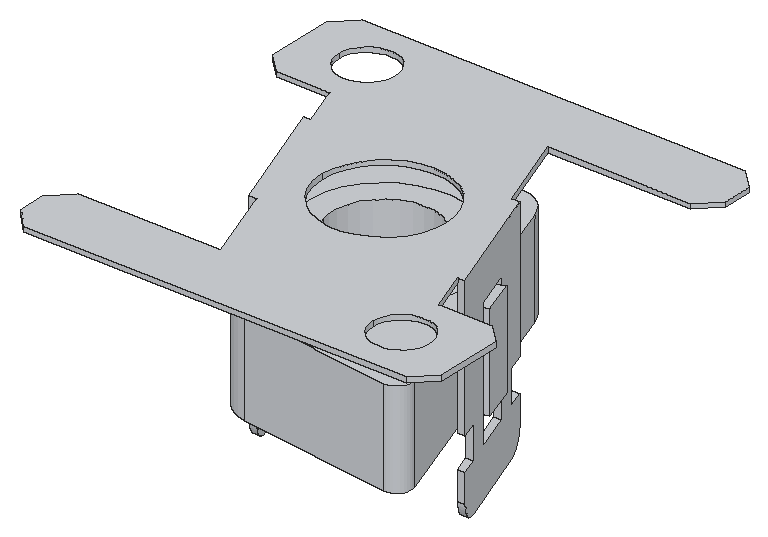
Revit family "Stex 45 Montageplatte MP", category HLS-Bauteile, Revit 2017
Family settings
  Bemaßung runder Anschluss = Durchmesser verwenden
  Teiletyp = Normal
  Arbeitsebenenbasiert = Ja
  Immer vertikal = Nein
  Beim Laden mit Abzugskörper schneiden = Nein
  Gemeinsam genutzt = Ja
  Raumberechnungspunkt = Nein
Parameters (values of type "Stex 45 Montageplatte MP M10")
  vpe = "30 St"
  Zahnplatte Gewinde = MEFA Zahnplatte 34x21 für Stex 45 : MEFA Zahnplatte 34x21 für Stex 45 M10
  Default Elevation = 1219.2 mm
  Regelhalter [instance] = ""
  Profiltyp = "45"
  Oberflaeche = "galvanisch verzinkt"
  Nutzlänge = ""
  Mengeneinheit = "St"
  Material = "Stahl"
  Länge Gewinde = 0 mm
  Kurztext2 = "M10 gvz"
  Kurztext1 = "Stex Montageplatte MP 45"
  Gewinde = "M10"
  Gewicht pro Bauteil = Gewicht  # 0.0553 kg
  Gewicht = 0.0553 kg
  Firma = "MEFA Befestigungs- und Montagesysteme GmbH"
  Festigkeitsklasse = ""
  Fabrikat = "MEFA"
  EAN = "4250928424686"
  Artikelnummer = "1280010"
  Anzugsmoment = 0 N·m
  Abmessung = " mm"
Types (5, lengths in mm): name | Zahnplatte Gewinde | Kurztext2 | Gewinde | Gewicht pro Bauteil | Gewicht | EAN | Artikelnummer
  (no name) | MEFA Zahnplatte 34x21 für Stex 45 : MEFA Zahnplatte 34x21 für Stex 45 M10 | "M10 gvz" | "M10" | 0.0553 kg | 0.0553 kg | "4250928424686" | "1280010"
  Stex 45 Montageplatte MP M 8 | MEFA Zahnplatte 34x21 für Stex 45 : MEFA Zahnplatte 34x21 für Stex 45 M 8 | "M8 gvz" | "M8" | 0.0576 kg | 0.0576 kg | "4250928424679" | "1280008"
  Stex 45 Montageplatte MP M10 | MEFA Zahnplatte 34x21 für Stex 45 : MEFA Zahnplatte 34x21 für Stex 45 M10 | "M10 gvz" | "M10" | 0.0553 kg | 0.0553 kg | "4250928424686" | "1280010"
  Stex 45 Montageplatte MP M12 | MEFA Zahnplatte 34x21 für Stex 45 : MEFA Zahnplatte 34x21 für Stex 45 M12 | "M12 gvz" | "M12" | 0.0524 kg | 0.0524 kg | "4250928424693" | "1280012"
  Stex 45 Montageplatte MP M 6 | MEFA Zahnplatte 34x21 für Stex 45 : MEFA Zahnplatte 34x21 für Stex 45 M 6 | "M6 gvz" | "M6" | 0.059 kg | 0.059 kg | "4250928424662" | "1280006"
Reference planes
  plane 1 "Mitte (Vorne/hinten)": y = 0
  plane 2: z = 2
  plane 3 "Mitte (Links/rechts)": x = 0
Dimensions and locks
  aligned and locked: level to plane 2
Nested families
  nested 1: "MEFA Halteprofil Stex 45" at (0, 0, 2) x (-1, 0, 0) z (0, 0, 1), type "MEFA Halteprofil Stex 45"
  nested 2: "MEFA Zahnplatte 34x21 für Stex 45" at (0, 0, -12.5) x (-0.9455, -0.3256, 0) z (0, 0, 1), type <- "Zahnplatte Gewinde", type "MEFA Zahnplatte 34x21 für Stex 45 M10"
Definition of nested family "MEFA Halteprofil Stex 45"
  Parameters (values of type "MEFA Halteprofil Stex 45")
    Default Elevation = 1219.2 mm
    Regelhalter [instance] = ""
    Firma = "MEFA Befestigungs- und Montagesysteme GmbH"
  Reference planes
    plane 1 "Mitte (Vorne/hinten)": y = 0
    plane 2: z = 0
    plane 3 "Mitte (Links/rechts)": x = 0
  Forms (mm)
    Extrusion 1, solid
      sketch origin (0, 0, 0) x (1, 0, 0) y (0, 1, 0)
        loop
          line (-1219.2, 1219.2) -> (-1219.2, -1219.2) -> (1219.2, -1219.2) -> (1219.2, 1219.2) -> (-1219.2, 1219.2)
      from 0 to -304.8
    Extrusion 2, solid
      sketch origin (0, 0.193, 0) x (1, 0, 0) y (0, 1, 0)
        loop
          line (-20, -22.193) -> (20, -22.193) -> (22, -20.193) -> (22, -13.193) -> (20, -11.193) -> (14.5, -11.193) -> (12.86, -6.693) -> (13.646, -6.693) -> (8.907, 6.307) -> (8.121, 6.307) -> (5.023, 14.807) -> (20, 14.807) -> (22, 16.807) -> (22, 19.807) -> (20, 21.807) -> (-20, 21.807) -> (-22, 19.807) -> (-22, 12.807) -> (-20, 10.807) -> (-14.5, 10.807) -> (-12.86, 6.307) -> (-13.642, 6.307) -> (-8.903, -6.693) -> (-8.121, -6.693) -> (-5.023, -15.193) -> (-20, -15.193) -> (-22, -17.193) -> (-22, -20.193) -> (-20, -22.193)
        loop
          circle (0, -0.193) r 6.5
        loop
          circle (-15, 16.307) r 3
        loop
          circle (15, -16.693) r 3
      from 0.5 to -22.5
    Extrusion 3, void
      sketch origin (0, 0, 0) x (0, 1, 0) y (0, 0, 1)
        loop
          line (-6.5, 0) -> (-24.187, 0) -> (-24.187, -25.541) -> (24.032, -25.541) -> (24.032, 0) -> (6.5, 0) -> (6.5, -22.5) -> (-6.5, -22.5) -> (-6.5, 0)
      from -30 to 30
    Extrusion 4, void
      sketch origin (0, 0, 0) x (1, 0, 0) y (0, 1, 0)
        loop
          line (-12.99, 6.856) -> (-7.957, -6.952) -> (13.024, -6.952) -> (7.992, 6.856) -> (-12.99, 6.856)
      from 0 to -25
    Extrusion 5, void
      sketch origin (0, 0, 0) x (0, 1, 0) y (0, 0, 1)
        loop
          line (2.25, -4) -> (-2.25, -4) -> (-2.25, -17.5) -> (2.25, -17.5) -> (2.25, -4)
      from -20 to 20
    Extrusion 6, void
      sketch origin (0, 0, 0) x (0, 1, 0) y (0, 0, 1)
        loop
          line (-6.5, -20.5) -> (-6.5, -17.5) -> (-4.5, -17.5) -> (-4.5, -14) -> (-6.5, -14) -> (-7.625, -20.5) -> (-7.625, -23.533) -> (7.642, -23.533) -> (7.642, -20.598) -> (6.5, -14) -> (4.5, -14) -> (4.5, -17.5) -> (6.5, -17.5) -> (6.5, -20.5)
          arc (6.5, -20.5) -> (5.914, -21.914) -> (4.5, -22.5) r 2
          line (4.5, -22.5) -> (-4.5, -22.5)
          arc (-4.5, -22.5) -> (-5.914, -21.914) -> (-6.5, -20.5) r 2
      from -25 to 25
  Cuts and joins
    Extrusion 3, Extrusion 4, Extrusion 5, Extrusion 6 cuts Extrusion 2
  Dimensions and locks
    aligned and locked: plane 2 to Extrusion 1
    aligned and locked: level to Extrusion 1
Definition of nested family "MEFA Zahnplatte 34x21 für Stex 45"
  Parameters (values of type "MEFA Zahnplatte 34x21 für Stex 45 M10")
    vpe = ""
    max. zul. Last = 0
    d2 = 5.3 mm
    Default Elevation = 1219.2 mm
    Stärke Material = 0 mm
    Schienenbreite = ""
    Regelhalter [instance] = ""
    Rabattgruppe = ""
    Profiltyp = ""
    Profil = ""
    Preiseinheit = 0
    Plattentyp = ""
    Oberfläche = ""
    Oberflaeche = ""
    Nutzlänge = ""
    Mengeneinheiten = ""
    Mengeneinheit = ""
    Materialname = ""
    Material = ""
    Länge Gewinde = 0 mm
    Länge = 0 mm
    Kurztext2 = ""
    Kurztext1 = ""
    Gewinde = ""
    Gewicht = 0.00 kg
    Form = ""
    Firma = "MEFA Befestigungs- und Montagesysteme GmbH"
    Festigkeitsklasse = ""
    Fabrikat = ""
    EAN = ""
    Deckentyp = ""
    Breite = 0 mm
    Artikelnummer = "0818002"
    Anzugsmoment = 0
    Abmessung = ""
  Types (4, lengths in mm): name | vpe | d2 | Profiltyp | Oberflaeche | Mengeneinheit | Material | Kurztext2 | Kurztext1 | Gewinde | Gewicht | Fabrikat | EAN | Artikelnummer | Abmessung
    MEFA Zahnplatte 34x21 für Stex 45 M10 | "" | 5.3 | "" | "" | "" | "" | "" | "" | "" | 0.00 kg | "" | "" | "0818002" | ""
    MEFA Zahnplatte 34x21 für Stex 45 M 8 | "" | 4.2 | "" | "" | "" | "" | "" | "" | "" | 0.00 kg | "" | "" | "0818001" | ""
    MEFA Zahnplatte 34x21 für Stex 45 M12 | "" | 6.3 | "" | "" | "" | "" | "" | "" | "" | 0.00 kg | "" | "" | "0818003" | ""
    MEFA Zahnplatte 34x21 für Stex 45 M 6 | "100 St" | 3.2 | "45" | "galvanisch verzinkt" | "St" | "Stahl" | "M6 34 x 21 mm gvz" | "Zahnplatte" | "M6" | 0.0525 kg | "MEFA" | "4250928420541" | "0818000" | "34 x 21 x 12 mm"
  Reference planes
    plane 1 "Mitte (Vorne/hinten)": y = 0
    plane 2: z = 0
    plane 3 "Mitte (Links/rechts)": x = 0
  Forms (mm)
    Extrusion 1, solid
      sketch origin (-17.5, 0, 0) x (1, 0, 0) y (0, 1, 0)
        loop
          arc (27, 9.889) -> (26.398, 11.99) -> (24.774, 13.452) r 3.964
          line (24.774, 13.452) -> (10.158, 20.581)
          arc (10.158, 20.581) -> (8.705, 20.505) -> (8, 19.233) r 1.5
          line (8, 19.233) -> (8, 6) -> (6.2, 6) -> (6.2, 2) -> (8, 2) -> (8, -9.889)
          arc (8, -9.889) -> (8.602, -11.99) -> (10.226, -13.452) r 3.964
          line (10.226, -13.452) -> (24.842, -20.581)
          arc (24.842, -20.581) -> (26.295, -20.505) -> (27, -19.233) r 1.5
          line (27, -19.233) -> (27, -6) -> (28.8, -6) -> (28.8, -2) -> (27, -2) -> (27, 9.889)
      from 0 to 12
    Extrusion 2, void
      sketch origin (0, 0, 0) x (1, 0, 0) y (0, 1, 0)
        loop
          circle (0, 0) r 5.3
      from 0 to 250
    Revolve 3, void
      sketch origin (0, 0, 0) x (1, 0, 0) y (0, 0, 1)
        loop
          line (-8, 14.225) -> (-35.321, 14.225) -> (-35.321, 10) -> (-8.919, 10)
          arc (-8.919, 10) -> (-8.269, 10.269) -> (-8, 10.919) r 0.919
          line (-8, 10.919) -> (-8, 12) -> (-8, 14.225)
        axis (0, 14.225) -> (0, 10)
      angle from 0 to 360
  Cuts and joins
    Extrusion 2, Revolve 3 cuts Extrusion 1
  Dimensions and locks
    "d2": radius of Extrusion 2 sketch curve
    aligned and locked: level to plane 2
  Automatic sketch dimensions
    Extrusion 1 sketch curve to plane 1 "Mitte (Vorne/hinten)" = 2 mm
    Extrusion 1 sketch curve to plane 3 "Mitte (Links/rechts)" = 9.5 mm
    Extrusion 1 sketch curve to Extrusion 1 sketch curve = 1.5 mm
    Extrusion 1 sketch curve to Extrusion 1 sketch curve = 0.658 mm  (x2)
    Extrusion 1 sketch curve to plane 3 "Mitte (Links/rechts)" = 7.274 mm
    Extrusion 1 sketch curve to Extrusion 1 sketch curve = 1.738 mm  (x2)
    plane 3 "Mitte (Links/rechts)" to Extrusion 1 sketch curve = 5.536 mm
    plane 3 "Mitte (Links/rechts)" to Extrusion 1 sketch curve = 7.342 mm
    plane 3 "Mitte (Links/rechts)" to Extrusion 1 sketch curve = 9.5 mm
    plane 1 "Mitte (Vorne/hinten)" to Extrusion 1 sketch curve = 2 mm
    Extrusion 1 sketch curve to Extrusion 1 sketch curve = 0 mm  (x2)
    Extrusion 1 sketch curve to Extrusion 1 sketch curve = 1.8 mm  (x2)
    Extrusion 1 sketch curve to Extrusion 1 sketch curve = 4 mm  (x2)
    plane 1 "Mitte (Vorne/hinten)" to Extrusion 1 sketch curve = 9.889 mm
    Extrusion 1 sketch curve to Extrusion 1 sketch curve = 3.563 mm
    Extrusion 1 sketch curve to Extrusion 1 sketch curve = 13.233 mm  (x2)
    Extrusion 1 sketch curve to plane 1 "Mitte (Vorne/hinten)" = 9.889 mm
    Revolve 3 sketch curve to plane 3 "Mitte (Links/rechts)" = 0 mm
    Revolve 3 sketch curve to plane 3 "Mitte (Links/rechts)" = 8 mm
    Revolve 3 sketch curve to Revolve 3 sketch curve = 0.919 mm
    level to Revolve 3 sketch curve = 10 mm
    Revolve 3 sketch curve to Revolve 3 sketch curve = 26.402 mm
    Revolve 3 sketch curve to Revolve 3 sketch curve = 1.081 mm
    Revolve 3 sketch curve to Revolve 3 sketch curve = 2.225 mm
    Revolve 3 sketch curve to Revolve 3 sketch curve = 0.826 mm
    Revolve 3 sketch curve to Revolve 3 sketch curve = 3.163 mm
    plane 1 "Mitte (Vorne/hinten)" to Extrusion 2 sketch curve = 0 mm
    Extrusion 2 sketch curve to plane 3 "Mitte (Links/rechts)" = 0 mm
